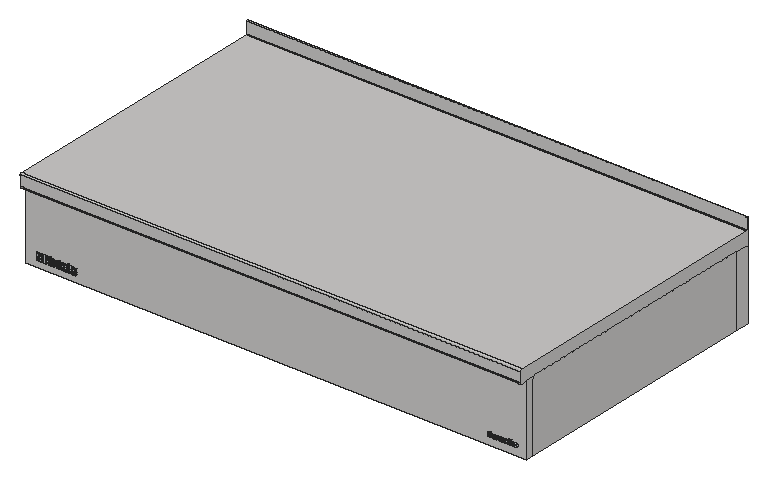
Revit family "QF_ELECTROLUXPROFESSIONAL_588571_MBNABBLOOO", category Attrezzature speciali, Revit 2020
Family settings
  Quota connettore circolare = Usa diametro
  Tipo di parte = Normale
  Basato su piano di lavoro = No
  Sempre verticale = Sì
  Taglio con vuoti quando caricato = No
  Condiviso = No
  Punto di calcolo locali = No
Parameters (values of type "Standard")
  Weight = 40.00 kg
  Watts = 0 W
  Volts = 0 V
  URL Manufacturer = "https://www.electroluxprofessional.com/"
  URL = "https://www.electroluxprofessional.com/"
  Steam Supply Size = 0"
  Steam Supply Minimum Pressure = 0.00 psi
  Steam Supply Maximum Pressure = 0.00 psi
  Steam Consumption per Hour = 0
  Refrigeration Suction Line Size = 0 mm
  Refrigeration Liquid Line Size = 0 mm
  Refrigerant Compressor Remote = yes
  Prospetto di default = 0 mm
  Phase = 0
  Modello = "MBNABBLOOO"
  Produttore = "Electrolux Professional"
  Length Actual = 1500 mm  # constant formula
  Item Number = "588571"
  Hot Water Size = 0"
  Height Actual = 250 mm  # constant formula
  HP = "0 HP"
  Gas Size = 0"
  Gas KW = 0
  Gas Input Pressure = 0.0 Btu/h
  Direct Waste Size = 0"
  Descrizione = "WORK TOP,CLOSED,1S,BACKSPL,1500X850X250H"
  Depth Actual = 850 mm  # constant formula
  Cycle = 0 Hz
  Condensate Return Size = 0"
  Compressed Air Volume = 0 GPM
  Compressed Air Size = 0"
  Compressed Air Pressure = 0.00 psi
  Cold Water Size = 0"
  Accessory = yes
Reference planes
  plane 1 "BACK": y = 0
  plane 2: z = 0
  plane 3 "LEFT": x = 0
  plane 4 "RIGHT": x = 1500
  plane 5 "FRONT": y = -850
  plane 6 "PLAIN": z = 900
  plane 7 "Center (Left/Right)": x = 750
  plane 8 "Center (Front/Back)": y = -425
  plane 9 "Grill": z = 888
  plane 10 "BASE": z = 650
  plane 11 "TOP": z = 938
  plane 12: x = 1385
  plane 13: x = 35
Forms (mm)
  Extrusion 1, solid, material "QF_Finishes_Stainless Steel"
    sketch origin (0, 0, 650) x (0, 1, 0) y (0, 0, 1)
      loop
        line (0, 288) -> (-2, 288) -> (-2, 252)
        arc (-2, 252) -> (-2.586, 250.586) -> (-4, 250) r 2
        line (-4, 250) -> (-845, 250)
        arc (-845, 250) -> (-848.536, 248.536) -> (-850, 245) r 5
        line (-850, 245) -> (-850, 214)
        arc (-850, 214) -> (-848.571, 210.936) -> (-845.305, 210.061) r 4
        line (-845.305, 210.061) -> (-830, 212.969) -> (-20, 212.969) -> (-4.695, 210.061)
        arc (-4.695, 210.061) -> (-1.429, 210.936) -> (0, 214) r 4
        line (0, 214) -> (0, 288)
    from 0 to 1500
  Extrusion 2, solid, material "QF_Finishes_Stainless Steel"
    sketch origin (750, 296.4, 1869.2) x (0, 1, 0) y (0, 0, 1)
      loop
        line (-299.4, -1009.461) -> (-316.4, -1006.231) -> (-341.4, -1006.231) -> (-341.4, -1219.2) -> (-299.4, -1219.2) -> (-299.4, -1009.461)
    from -750 to 750
  Extrusion 3, solid, material "QF_Finishes_Stainless Steel"
    sketch origin (0, 0, 650) x (0, 1, 0) y (0, 0, 1)
      loop
        line (-45, 212.969) -> (-805, 212.969) -> (-805, 0) -> (-45, 0) -> (-45, 212.969)
    from 0 to 1500
  Extrusion 4, solid, material "QF_Finishes_Stainless Steel"
    sketch origin (0, 0, 0) x (0, 1, 0) y (0, 0, 1)
      loop
        line (-805, 862.969) -> (-830, 862.969) -> (-830, 650) -> (-805, 650) -> (-805, 862.969)
    from 0 to 1500
Lines and regions (mm)
  symbolic lines
    curve 1: line (0, -850, 0) -> (0, 0, 0)
    curve 2: line (0, -850, 888) -> (1500, -850, 888)
    curve 3: line (1500, 0, 888) -> (0, 0, 888)
    curve 4: line (1500, -850, 888) -> (1500, 0, 888)
    curve 5: line (1500, -2, 888) -> (0, -2, 888)
Dimensions and locks
  plane 3 "LEFT" to plane 4 "RIGHT" = 1500 mm
  plane 5 "FRONT" to plane 1 "BACK" = 850 mm
  equal spacing: plane 3 "LEFT", plane 7 "Center (Left/Right)", plane 4 "RIGHT"
  equal spacing: plane 5 "FRONT", plane 8 "Center (Front/Back)", plane 1 "BACK"
  locked: plane 6 "PLAIN" to level at 900
  plane 6 "PLAIN" to plane 10 "BASE" = 250 mm
  plane 11 "TOP" to plane 6 "PLAIN" = 38 mm
  locked: plane 12 to plane 4 "RIGHT" at 115
  plane 13 to plane 3 "LEFT" = 35 mm
  aligned and locked: level to plane 2
  aligned and locked: Extrusion 4 to plane 3 "LEFT"
  aligned and locked: Extrusion 4 to plane 4 "RIGHT"
  aligned and locked: plane 3 "LEFT" to Extrusion 2
  aligned and locked: Extrusion 2 to plane 4 "RIGHT"
  aligned and locked: Extrusion 3 to plane 4 "RIGHT"
  aligned and locked: Extrusion 3 to plane 3 "LEFT"
  aligned and locked: Extrusion 1 to plane 3 "LEFT"
  aligned and locked: Extrusion 1 to plane 4 "RIGHT"
  aligned and locked: nested 1 to plane 12
Automatic sketch dimensions
  plane 1 "BACK" to curve 1 = 0 mm
  curve 1 to plane 3 "LEFT" = 0 mm
  plane 5 "FRONT" to curve 1 = 0 mm
  Extrusion 1 sketch curve to plane 5 "FRONT" = 0 mm
  Extrusion 1 sketch curve to plane 6 "PLAIN" = 0 mm
  Extrusion 1 sketch curve to plane 11 "TOP" = 0 mm
  Extrusion 1 sketch curve to plane 1 "BACK" = 0 mm
  Extrusion 1 sketch curve to Extrusion 1 sketch curve = 4 mm
  Extrusion 1 sketch curve to Extrusion 1 sketch curve = 0.695 mm
  Extrusion 1 sketch curve to Extrusion 1 sketch curve = 5 mm
  Extrusion 1 sketch curve to Extrusion 1 sketch curve = 15.305 mm
  plane 1 "BACK" to Extrusion 1 sketch curve = 20 mm
  plane 1 "BACK" to Extrusion 1 sketch curve = 4.695 mm
  plane 1 "BACK" to Extrusion 1 sketch curve = 4 mm  (x2)
  plane 1 "BACK" to Extrusion 1 sketch curve = 2 mm
  Extrusion 1 sketch curve to plane 9 "Grill" = 24 mm  (x2)
  Extrusion 1 sketch curve to Extrusion 1 sketch curve = 2.909 mm
  Extrusion 2 sketch curve to plane 10 "BASE" = 0 mm
  plane 1 "BACK" to Extrusion 2 sketch curve = 45 mm
  plane 1 "BACK" to Extrusion 2 sketch curve = 20 mm
  plane 1 "BACK" to Extrusion 2 sketch curve = 3 mm
  Extrusion 2 sketch curve to plane 9 "Grill" = 28.261 mm
  Extrusion 2 sketch curve to plane 9 "Grill" = 25.031 mm
  Extrusion 3 sketch curve to plane 10 "BASE" = 0 mm
  Extrusion 3 sketch curve to plane 5 "FRONT" = 45 mm
  plane 1 "BACK" to Extrusion 3 sketch curve = 45 mm
  Extrusion 3 sketch curve to plane 9 "Grill" = 25.031 mm
  curve 2 to plane 4 "RIGHT" = 0 mm
  plane 5 "FRONT" to curve 2 = 0 mm
  curve 5 to plane 3 "LEFT" = 0 mm
  plane 1 "BACK" to curve 4 = 0 mm
  curve 3 to plane 3 "LEFT" = 0 mm
  curve 2 to plane 3 "LEFT" = 0 mm
  curve 5 to curve 3 = 2 mm
  Extrusion 4 sketch curve to plane 10 "BASE" = 0 mm
  Extrusion 4 sketch curve to plane 5 "FRONT" = 20 mm
  Extrusion 4 sketch curve to Extrusion 4 sketch curve = 25 mm
  Extrusion 4 sketch curve to plane 9 "Grill" = 25.031 mm
Nested families
  nested 1: "ELX_ThermaLine_Small" at (1424.867, -830, 680) x (1, 0, 0) z (0, -1, 0), type "ELX_ThermaLine_Small"
    with Show Logo yes, Material_Logo QF_Finishes_Black
  nested 2: "ELX_Professional_Logo_Small" at (94.486, -830, 682.232) x (1, 0, 0) z (0, -1, 0), type "ELX_Professional_Logo_Small"
    with Show Logo yes, Material_Logo QF_Finishes_Black
Definition of nested family "ELX_ThermaLine_Small"
  Parameters
    Show Logo [instance] = yes
    Material_Logo [instance] = none
    Default Elevation = 0 mm
  Reference planes
    plane 1 "Centro (Fronte/Retro)": y = 0
    plane 2: z = 0
    plane 3 "Centro (Sinistra/Destra)": x = 0
  Forms (mm)
    Extrusion 1, solid
      sketch origin (0, 0, 0) x (1, 0, 0) y (0, 1, 0)
        loop
          line (-1219.2, 1219.2) -> (-1219.2, -1219.2) -> (1219.2, -1219.2) -> (1219.2, 1219.2) -> (-1219.2, 1219.2)
      from 0 to -304.8
    Extrusion 2, solid
      sketch origin (0, 0, 0) x (1, 0, 0) y (0, 1, 0)
        loop
          line (-37.494, 1.229) -> (-35.908, 1.229) -> (-35.908, 3.066) -> (-37.494, 3.066) -> (-37.494, 6.221) -> (-39.867, 4.881) -> (-39.867, 3.066) -> (-40.969, 3.066) -> (-40.969, 1.229) -> (-39.867, 1.229) -> (-39.867, -3.407)
          arc (-39.867, -3.407) -> (-38.982, -5.513) -> (-36.751, -6.001) r 2.478
          line (-36.751, -6.001) -> (-35.638, -5.7) -> (-35.9, -3.835) -> (-36.661, -4.039)
          arc (-36.661, -4.039) -> (-37.236, -3.924) -> (-37.494, -3.399) r 0.662
          line (-37.494, -3.399) -> (-37.494, 1.229)
        loop
          line (-34.242, 6.539) -> (-34.242, -5.848) -> (-31.854, -5.848) -> (-31.854, -0.078)
          arc (-31.854, -0.078) -> (-30.939, 1.249) -> (-29.33, 1.367) r 1.866
          arc (-29.33, 1.367) -> (-28.695, 0.768) -> (-28.461, -0.073) r 1.627
          line (-28.461, -0.073) -> (-28.461, -5.848) -> (-26.086, -5.848) -> (-26.064, -0.46)
          arc (-26.064, -0.46) -> (-26.261, 0.932) -> (-26.786, 2.237) r 5.825
          arc (-26.786, 2.237) -> (-29.381, 3.264) -> (-31.854, 1.971) r 3.353
          line (-31.854, 1.971) -> (-31.854, 6.539) -> (-34.242, 6.539)
        loop
          arc (-18.398, -0.598) -> (-18.893, 0.879) -> (-20.326, 1.487) r 1.897
          arc (-20.326, 1.487) -> (-21.461, 0.708) -> (-21.897, -0.598) r 2.164
          line (-21.897, -0.598) -> (-18.398, -0.598)
        loop
          arc (-16.021, -2.044) -> (-16.754, 1.227) -> (-19.444, 3.226) r 4.814
          arc (-19.444, 3.226) -> (-22.137, 2.788) -> (-23.943, 0.743) r 4.054
          arc (-23.943, 0.743) -> (-24.382, -1.249) -> (-24.162, -3.276) r 6.289
          arc (-24.162, -3.276) -> (-23.302, -4.71) -> (-21.958, -5.705) r 4.28
          arc (-21.958, -5.705) -> (-18.558, -5.814) -> (-16.152, -3.409) r 4.28
          line (-16.152, -3.409) -> (-18.5, -2.995)
          arc (-18.5, -2.995) -> (-19.273, -3.994) -> (-20.533, -4.076) r 1.536
          arc (-20.533, -4.076) -> (-21.56, -3.281) -> (-21.958, -2.044) r 2.197
          line (-21.958, -2.044) -> (-16.021, -2.044)
        loop
          line (-14.165, -5.848) -> (-11.819, -5.848) -> (-11.819, -2.138)
          arc (-11.819, -2.138) -> (-11.787, -1.156) -> (-11.637, -0.185) r 8.18
          arc (-11.637, -0.185) -> (-10.644, 0.972) -> (-9.132, 0.776) r 1.603
          line (-9.132, 0.776) -> (-8.419, 2.846)
          arc (-8.419, 2.846) -> (-10.432, 3.118) -> (-11.994, 1.821) r 2.527
          line (-11.994, 1.821) -> (-11.994, 3.094) -> (-14.165, 3.094) -> (-14.165, -5.848)
        loop
          line (-7.579, 3.094) -> (-7.579, -5.848) -> (-5.178, -5.848) -> (-5.178, -0.756)
          arc (-5.178, -0.756) -> (-4.727, 0.679) -> (-3.417, 1.419) r 2.05
          arc (-3.417, 1.419) -> (-2.499, 0.908) -> (-2.155, -0.085) r 1.471
          line (-2.155, -0.085) -> (-2.155, -5.848) -> (0.23, -5.848) -> (0.23, -1.001)
          arc (0.23, -1.001) -> (0.47, 0.127) -> (1.148, 1.061) r 2.775
          arc (1.148, 1.061) -> (2.225, 1.329) -> (3.05, 0.587) r 1.182
          arc (3.05, 0.587) -> (3.199, -0.019) -> (3.214, -0.642) r 2.894
          line (3.214, -0.642) -> (3.214, -5.848) -> (5.601, -5.848) -> (5.601, 0.261)
          arc (5.601, 0.261) -> (4.87, 2.263) -> (2.976, 3.241) r 2.932
          arc (2.976, 3.241) -> (1.284, 2.973) -> (-0.047, 1.896) r 3.309
          arc (-0.047, 1.896) -> (-1.116, 2.865) -> (-2.506, 3.258) r 3.16
          arc (-2.506, 3.258) -> (-4.105, 2.942) -> (-5.376, 1.92) r 3.419
          line (-5.376, 1.92) -> (-5.376, 3.094) -> (-7.579, 3.094)
        loop
          line (7.583, 0.738) -> (9.702, 0.364)
          arc (9.702, 0.364) -> (11.441, 1.492) -> (12.855, -0.023) r 1.613
          line (12.855, -0.023) -> (9.782, -0.789)
          arc (9.782, -0.789) -> (8.559, -1.346) -> (7.617, -2.305) r 3.687
          arc (7.617, -2.305) -> (7.499, -3.681) -> (7.901, -5.003) r 3.651
          arc (7.901, -5.003) -> (9.107, -5.766) -> (10.515, -6.006) r 3.635
          arc (10.515, -6.006) -> (11.898, -5.697) -> (13.067, -4.895) r 3.734
          line (13.067, -4.895) -> (13.376, -5.848) -> (15.75, -5.848) -> (15.212, -4.193) -> (15.212, 0.38)
          arc (15.212, 0.38) -> (14.897, 1.849) -> (13.818, 2.895) r 2.585
          arc (13.818, 2.895) -> (11.792, 3.442) -> (9.719, 3.11) r 5.005
          arc (9.719, 3.11) -> (8.369, 2.178) -> (7.583, 0.738) r 3.54
        loop
          line (19.723, -5.848) -> (22.233, -5.848) -> (24.854, 6.484) -> (22.345, 6.484) -> (19.723, -5.848)
        loop
          line (24.583, -5.848) -> (26.953, -5.848) -> (28.848, 3.066) -> (26.478, 3.066) -> (24.583, -5.848)
        loop
          line (27.204, 6.484) -> (26.741, 4.305) -> (29.111, 4.305) -> (29.575, 6.484) -> (27.204, 6.484)
        loop
          line (29.355, -5.848) -> (31.849, -5.848) -> (33.098, 0.028)
          arc (33.098, 0.028) -> (34.169, 1.306) -> (35.832, 1.422) r 2.132
          arc (35.832, 1.422) -> (36.324, 0.752) -> (36.383, -0.078) r 1.5
          line (36.383, -0.078) -> (35.157, -5.848) -> (37.536, -5.848) -> (38.936, 0.738)
          arc (38.936, 0.738) -> (38.775, 2.091) -> (37.825, 3.066) r 2.118
          arc (37.825, 3.066) -> (35.392, 3.175) -> (33.295, 1.937) r 4.271
          line (33.295, 1.937) -> (33.535, 3.066) -> (31.25, 3.066) -> (29.355, -5.848)
        loop
          line (42.792, -0.64) -> (46.589, -0.64)
          arc (46.589, -0.64) -> (46.639, 0.124) -> (46.327, 0.823) r 1.589
          arc (46.327, 0.823) -> (45.117, 1.521) -> (43.762, 1.183) r 1.865
          arc (43.762, 1.183) -> (43.141, 0.344) -> (42.792, -0.64) r 3.538
        loop
          line (42.565, -2.138) -> (48.593, -2.138)
          arc (48.593, -2.138) -> (48.58, 0.597) -> (46.983, 2.818) r 4.494
          arc (46.983, 2.818) -> (44.191, 3.28) -> (41.725, 1.891) r 4.26
          arc (41.725, 1.891) -> (40.503, -0.3) -> (40.284, -2.799) r 6.003
          arc (40.284, -2.799) -> (40.959, -4.468) -> (42.377, -5.576) r 3.482
          arc (42.377, -5.576) -> (44.265, -5.961) -> (46.152, -5.576) r 4.823
          arc (46.152, -5.576) -> (47.432, -4.731) -> (48.328, -3.485) r 4.245
          line (48.328, -3.485) -> (46.168, -3.105)
          arc (46.168, -3.105) -> (45.214, -4.072) -> (43.859, -4.181) r 1.953
          arc (43.859, -4.181) -> (42.821, -3.408) -> (42.565, -2.138) r 1.81
        loop
          line (12.868, -1.553) -> (10.216, -2.214)
          arc (10.216, -2.214) -> (9.747, -3.136) -> (10.216, -4.058) r 1.14
          arc (10.216, -4.058) -> (11.537, -4.249) -> (12.614, -3.46) r 1.763
          arc (12.614, -3.46) -> (12.858, -2.522) -> (12.868, -1.553) r 3.97
      from 0 to 1.6
  Dimensions and locks
    aligned and locked: plane 2 to Extrusion 1
    aligned and locked: level to Extrusion 1
Definition of nested family "ELX_Professional_Logo_Small"
  Parameters
    Show Logo [instance] = yes
    Material_Logo [instance] = none
    Default Elevation = 0 mm
  Reference planes
    plane 1 "Centro (Fronte/Retro)": y = 0
    plane 2: z = 0
    plane 3 "Centro (Sinistra/Destra)": x = 0
  Forms (mm)
    Extrusion 1, solid
      sketch origin (0, 0, 0) x (1, 0, 0) y (0, 1, 0)
        loop
          line (-1219.2, 1219.2) -> (-1219.2, -1219.2) -> (1219.2, -1219.2) -> (1219.2, 1219.2) -> (-1219.2, 1219.2)
      from 0 to -304.8
    Extrusion 2, solid, material <- "Material_Logo"
      sketch origin (15.5, 0, 0) x (1, 0, 0) y (0, 1, 0)
        loop
          spline (-42.99, -1.24) -> (-43.195, -1.231) -> (-43.415, -1.203) -> (-43.642, -1.152) -> (-43.87, -1.074) -> (-44.095, -0.966) -> (-44.309, -0.825) -> (-44.506, -0.647) -> (-44.681, -0.429) -> (-44.828, -0.167) -> (-44.94, 0.142) -> (-45.011, 0.501) -> (-45.037, 0.915)
          line (-45.037, 0.915) -> (-45.037, 2.748) -> (-38.984, 2.748) -> (-38.984, 5.086) -> (-45.038, 5.086) -> (-45.038, 8.489) -> (-38.599, 8.489) -> (-38.599, 10.82) -> (-47.515, 10.82) -> (-47.515, 1.021)
          spline (-47.515, 1.021) -> (-47.493, 0.418) -> (-47.425, -0.15) -> (-47.311, -0.682) -> (-47.15, -1.175) -> (-46.939, -1.628) -> (-46.678, -2.038) -> (-46.365, -2.404) -> (-46, -2.723) -> (-45.58, -2.995) -> (-45.105, -3.216) -> (-44.573, -3.385) -> (-43.983, -3.499)
          line (-43.983, -3.499) -> (-43.01, -3.569) -> (-38.426, -3.569) -> (-38.426, -1.24) -> (-42.99, -1.24)
        loop
          line (-36.666, 4.021) -> (-36.666, -3.573) -> (-34.188, -3.573) -> (-34.188, 10.824) -> (-36.666, 10.824) -> (-36.666, 4.021)
        loop
          spline (-21.915, 1.897) -> (-21.957, 2.615) -> (-22.082, 3.303) -> (-22.285, 3.955) -> (-22.563, 4.564) -> (-22.913, 5.124) -> (-23.331, 5.629) -> (-23.814, 6.074) -> (-24.359, 6.451) -> (-24.961, 6.755) -> (-25.618, 6.98) -> (-26.326, 7.119) -> (-27.081, 7.167)
          spline (-27.081, 7.167) -> (-27.853, 7.122) -> (-28.586, 6.99) -> (-29.275, 6.774) -> (-29.915, 6.478) -> (-30.5, 6.104) -> (-31.024, 5.657) -> (-31.483, 5.138) -> (-31.871, 4.553) -> (-32.182, 3.904) -> (-32.411, 3.194) -> (-32.552, 2.427) -> (-32.6, 1.606)
          spline (-32.6, 1.606) -> (-32.553, 0.805) -> (-32.416, 0.057) -> (-32.193, -0.637) -> (-31.887, -1.271) -> (-31.504, -1.843) -> (-31.048, -2.35) -> (-30.523, -2.788) -> (-29.934, -3.154) -> (-29.284, -3.444) -> (-28.579, -3.656) -> (-27.822, -3.785) -> (-27.019, -3.829)
          spline (-27.019, -3.829) -> (-26.627, -3.82) -> (-26.239, -3.79) -> (-25.856, -3.739) -> (-25.477, -3.663) -> (-25.103, -3.562) -> (-24.734, -3.432) -> (-24.369, -3.273) -> (-24.01, -3.082) -> (-23.655, -2.858) -> (-23.305, -2.597) -> (-22.96, -2.299) -> (-22.621, -1.962)
          line (-22.621, -1.962) -> (-24.114, -0.509)
          spline (-24.114, -0.509) -> (-24.311, -0.699) -> (-24.509, -0.872) -> (-24.71, -1.03) -> (-24.915, -1.172) -> (-25.126, -1.297) -> (-25.346, -1.407) -> (-25.576, -1.5) -> (-25.817, -1.576) -> (-26.072, -1.636) -> (-26.342, -1.678) -> (-26.629, -1.704) -> (-26.936, -1.713)
          spline (-26.936, -1.713) -> (-27.384, -1.691) -> (-27.805, -1.625) -> (-28.196, -1.518) -> (-28.556, -1.372) -> (-28.882, -1.187) -> (-29.174, -0.966) -> (-29.429, -0.71) -> (-29.645, -0.422) -> (-29.821, -0.102) -> (-29.955, 0.247) -> (-30.045, 0.623) -> (-30.089, 1.026)
          line (-30.089, 1.026) -> (-21.956, 1.026) -> (-21.915, 1.897)
        loop
          spline (-24.446, 2.769) -> (-24.47, 3.075) -> (-24.54, 3.37) -> (-24.654, 3.65) -> (-24.807, 3.913) -> (-24.996, 4.156) -> (-25.219, 4.376) -> (-25.472, 4.57) -> (-25.753, 4.736) -> (-26.057, 4.869) -> (-26.382, 4.968) -> (-26.724, 5.03) -> (-27.081, 5.051)
          spline (-27.081, 5.051) -> (-27.464, 5.03) -> (-27.832, 4.97) -> (-28.183, 4.872) -> (-28.513, 4.74) -> (-28.819, 4.577) -> (-29.099, 4.384) -> (-29.347, 4.165) -> (-29.563, 3.923) -> (-29.742, 3.659) -> (-29.881, 3.377) -> (-29.977, 3.079) -> (-30.027, 2.769)
          line (-30.027, 2.769) -> (-24.446, 2.769)
        loop
          spline (-18.167, 1.669) -> (-18.138, 2.13) -> (-18.055, 2.567) -> (-17.921, 2.978) -> (-17.739, 3.358) -> (-17.512, 3.705) -> (-17.243, 4.016) -> (-16.937, 4.287) -> (-16.596, 4.517) -> (-16.223, 4.7) -> (-15.823, 4.835) -> (-15.398, 4.919) -> (-14.951, 4.947)
          spline (-14.951, 4.947) -> (-14.677, 4.938) -> (-14.414, 4.913) -> (-14.162, 4.871) -> (-13.921, 4.812) -> (-13.69, 4.738) -> (-13.467, 4.649) -> (-13.254, 4.544) -> (-13.048, 4.424) -> (-12.85, 4.291) -> (-12.659, 4.143) -> (-12.474, 3.981) -> (-12.295, 3.806)
          line (-12.295, 3.806) -> (-10.76, 5.403)
          spline (-10.76, 5.403) -> (-11.065, 5.709) -> (-11.38, 5.984) -> (-11.703, 6.228) -> (-12.035, 6.443) -> (-12.375, 6.63) -> (-12.723, 6.788) -> (-13.078, 6.92) -> (-13.44, 7.026) -> (-13.809, 7.107) -> (-14.184, 7.164) -> (-14.564, 7.198) -> (-14.951, 7.209)
          spline (-14.951, 7.209) -> (-15.725, 7.161) -> (-16.467, 7.02) -> (-17.169, 6.792) -> (-17.826, 6.482) -> (-18.43, 6.096) -> (-18.976, 5.637) -> (-19.455, 5.112) -> (-19.862, 4.525) -> (-20.19, 3.882) -> (-20.433, 3.189) -> (-20.584, 2.449) -> (-20.635, 1.669)
          spline (-20.635, 1.669) -> (-20.584, 0.889) -> (-20.433, 0.149) -> (-20.19, -0.545) -> (-19.862, -1.187) -> (-19.455, -1.774) -> (-18.976, -2.299) -> (-18.43, -2.758) -> (-17.826, -3.145) -> (-17.169, -3.454) -> (-16.467, -3.682) -> (-15.725, -3.823) -> (-14.951, -3.871)
          spline (-14.951, -3.871) -> (-14.564, -3.86) -> (-14.184, -3.826) -> (-13.809, -3.77) -> (-13.44, -3.689) -> (-13.078, -3.583) -> (-12.723, -3.451) -> (-12.375, -3.292) -> (-12.035, -3.105) -> (-11.703, -2.89) -> (-11.38, -2.646) -> (-11.065, -2.371) -> (-10.76, -2.066)
          line (-10.76, -2.066) -> (-12.295, -0.468)
          spline (-12.295, -0.468) -> (-12.474, -0.643) -> (-12.659, -0.805) -> (-12.85, -0.953) -> (-13.048, -1.087) -> (-13.254, -1.206) -> (-13.467, -1.311) -> (-13.69, -1.4) -> (-13.921, -1.475) -> (-14.162, -1.533) -> (-14.414, -1.575) -> (-14.677, -1.6) -> (-14.951, -1.609)
          spline (-14.951, -1.609) -> (-15.398, -1.581) -> (-15.823, -1.497) -> (-16.223, -1.362) -> (-16.596, -1.179) -> (-16.937, -0.95) -> (-17.243, -0.678) -> (-17.512, -0.367) -> (-17.739, -0.02) -> (-17.921, 0.36) -> (-18.055, 0.771) -> (-18.138, 1.208) -> (-18.167, 1.669)
        loop
          spline (-4.441, -1.243) -> (-4.659, -1.247) -> (-4.894, -1.23) -> (-5.137, -1.19) -> (-5.384, -1.121) -> (-5.628, -1.021) -> (-5.864, -0.884) -> (-6.084, -0.708) -> (-6.283, -0.488) -> (-6.454, -0.219) -> (-6.592, 0.101) -> (-6.69, 0.478) -> (-6.742, 0.914)
          line (-6.742, 0.914) -> (-6.742, 4.587) -> (-4.487, 4.587) -> (-4.487, 6.838) -> (-6.738, 6.838) -> (-6.738, 10.824) -> (-9.217, 10.824) -> (-9.217, 0.773)
          spline (-9.217, 0.773) -> (-9.164, 0.19) -> (-9.068, -0.358) -> (-8.928, -0.87) -> (-8.742, -1.343) -> (-8.511, -1.777) -> (-8.232, -2.168) -> (-7.904, -2.515) -> (-7.527, -2.816) -> (-7.098, -3.069) -> (-6.618, -3.273) -> (-6.084, -3.426) -> (-5.496, -3.525)
          line (-5.496, -3.525) -> (-4.45, -3.573) -> (-4.441, -1.243)
        loop
          spline (3.898, 6.983) -> (3.469, 7.009) -> (3.056, 7.001) -> (2.661, 6.961) -> (2.283, 6.888) -> (1.925, 6.785) -> (1.588, 6.652) -> (1.272, 6.49) -> (0.979, 6.301) -> (0.71, 6.085) -> (0.465, 5.844) -> (0.247, 5.578) -> (0.056, 5.289)
          line (0.056, 5.289) -> (0.056, 6.838) -> (-2.402, 6.838) -> (-2.402, -3.572) -> (0.056, -3.572) -> (0.056, 1.901)
          spline (0.056, 1.901) -> (0.079, 2.316) -> (0.145, 2.703) -> (0.254, 3.06) -> (0.404, 3.386) -> (0.592, 3.679) -> (0.818, 3.938) -> (1.08, 4.162) -> (1.375, 4.348) -> (1.703, 4.495) -> (2.062, 4.602) -> (2.45, 4.668) -> (2.865, 4.69)
          line (2.865, 4.69) -> (3.898, 4.586) -> (3.898, 6.983)
        loop
          spline (15.638, 1.633) -> (15.586, 2.396) -> (15.435, 3.124) -> (15.192, 3.81) -> (14.863, 4.449) -> (14.455, 5.034) -> (13.975, 5.56) -> (13.43, 6.021) -> (12.826, 6.411) -> (12.17, 6.724) -> (11.469, 6.955) -> (10.729, 7.098) -> (9.958, 7.147)
          spline (9.958, 7.147) -> (9.182, 7.098) -> (8.44, 6.955) -> (7.737, 6.724) -> (7.081, 6.411) -> (6.477, 6.021) -> (5.933, 5.56) -> (5.454, 5.034) -> (5.048, 4.449) -> (4.721, 3.81) -> (4.479, 3.124) -> (4.329, 2.396) -> (4.277, 1.633)
          spline (4.277, 1.633) -> (4.329, 0.869) -> (4.479, 0.141) -> (4.721, -0.544) -> (5.048, -1.183) -> (5.454, -1.768) -> (5.933, -2.294) -> (6.477, -2.755) -> (7.081, -3.145) -> (7.737, -3.459) -> (8.44, -3.69) -> (9.182, -3.833) -> (9.958, -3.882)
          spline (9.958, -3.882) -> (10.729, -3.833) -> (11.469, -3.69) -> (12.17, -3.459) -> (12.826, -3.145) -> (13.43, -2.755) -> (13.975, -2.294) -> (14.455, -1.768) -> (14.863, -1.183) -> (15.192, -0.544) -> (15.435, 0.141) -> (15.586, 0.869) -> (15.638, 1.633)
        loop
          spline (13.18, 1.633) -> (13.151, 2.083) -> (13.067, 2.513) -> (12.932, 2.918) -> (12.748, 3.296) -> (12.52, 3.642) -> (12.251, 3.954) -> (11.943, 4.227) -> (11.601, 4.459) -> (11.228, 4.645) -> (10.828, 4.782) -> (10.403, 4.867) -> (9.958, 4.896)
          spline (9.958, 4.896) -> (9.509, 4.867) -> (9.081, 4.782) -> (8.679, 4.645) -> (8.306, 4.459) -> (7.964, 4.227) -> (7.658, 3.954) -> (7.39, 3.642) -> (7.163, 3.296) -> (6.981, 2.918) -> (6.847, 2.513) -> (6.765, 2.083) -> (6.736, 1.633)
          spline (6.736, 1.633) -> (6.765, 1.182) -> (6.847, 0.753) -> (6.981, 0.347) -> (7.163, -0.031) -> (7.39, -0.377) -> (7.658, -0.689) -> (7.964, -0.962) -> (8.306, -1.193) -> (8.679, -1.38) -> (9.081, -1.517) -> (9.509, -1.602) -> (9.958, -1.631)
          spline (9.958, -1.631) -> (10.403, -1.602) -> (10.828, -1.517) -> (11.228, -1.38) -> (11.601, -1.193) -> (11.943, -0.962) -> (12.251, -0.689) -> (12.52, -0.377) -> (12.748, -0.031) -> (12.932, 0.347) -> (13.067, 0.753) -> (13.151, 1.182) -> (13.18, 1.633)
        loop
          line (17.162, 4.269) -> (17.162, -3.573) -> (19.642, -3.573) -> (19.642, 10.824) -> (17.162, 10.824) -> (17.162, 4.269)
        loop
          line (28.581, 6.838) -> (28.581, 0.786)
          spline (28.581, 0.786) -> (28.561, 0.393) -> (28.503, 0.038) -> (28.409, -0.279) -> (28.281, -0.559) -> (28.122, -0.802) -> (27.933, -1.011) -> (27.717, -1.185) -> (27.476, -1.325) -> (27.213, -1.433) -> (26.929, -1.509) -> (26.626, -1.554) -> (26.308, -1.569)
          spline (26.308, -1.569) -> (25.99, -1.554) -> (25.688, -1.509) -> (25.404, -1.434) -> (25.141, -1.326) -> (24.9, -1.187) -> (24.684, -1.014) -> (24.496, -0.807) -> (24.336, -0.565) -> (24.209, -0.288) -> (24.115, 0.026) -> (24.057, 0.376) -> (24.037, 0.765)
          line (24.037, 0.765) -> (24.037, 6.838) -> (21.537, 6.838) -> (21.537, 0.558)
          spline (21.537, 0.558) -> (21.581, -0.153) -> (21.71, -0.8) -> (21.916, -1.384) -> (22.195, -1.904) -> (22.54, -2.362) -> (22.944, -2.757) -> (23.403, -3.09) -> (23.909, -3.362) -> (24.456, -3.572) -> (25.04, -3.722) -> (25.652, -3.811) -> (26.288, -3.841)
          spline (26.288, -3.841) -> (26.929, -3.811) -> (27.547, -3.72) -> (28.135, -3.568) -> (28.687, -3.355) -> (29.197, -3.079) -> (29.66, -2.741) -> (30.068, -2.341) -> (30.415, -1.877) -> (30.696, -1.349) -> (30.905, -0.757) -> (31.034, -0.101) -> (31.079, 0.621)
          line (31.079, 0.621) -> (31.079, 6.838) -> (28.581, 6.838)
        loop
          line (40.457, -0.243) -> (38.894, 1.942) -> (40.83, 4.579) -> (42.488, 6.837) -> (39.782, 6.837) -> (37.53, 3.719) -> (35.258, 6.837) -> (32.573, 6.837) -> (34.113, 4.731) -> (36.167, 1.922) -> (34.014, -1.076) -> (32.222, -3.573) -> (34.887, -3.573) -> (37.53, 0.104) -> (40.174, -3.573) -> (42.839, -3.573) -> (40.457, -0.243)
        loop
          line (-46.121, -5.837) -> (-48.039, -5.837) -> (-48.039, -10.814) -> (-47.016, -10.814) -> (-47.016, -9.128) -> (-46.121, -9.128)
          arc (-46.121, -9.128) -> (-44.476, -7.482) -> (-46.121, -5.837) r 1.645
        loop
          line (-46.163, -6.778) -> (-47.016, -6.778) -> (-47.016, -8.187) -> (-46.163, -8.187)
          arc (-46.163, -8.187) -> (-45.458, -7.482) -> (-46.163, -6.778) r 0.704
        loop
          line (-38.313, -5.837) -> (-40.265, -5.837) -> (-40.265, -10.814) -> (-39.241, -10.814) -> (-39.241, -9.1) -> (-38.46, -9.182) -> (-37.48, -10.814) -> (-36.318, -10.814) -> (-37.513, -8.848)
          arc (-37.513, -8.848) -> (-36.888, -8.266) -> (-36.671, -7.441) r 1.536
          arc (-36.671, -7.441) -> (-37.165, -6.305) -> (-38.313, -5.837) r 1.643
        loop
          arc (-38.402, -8.166) -> (-37.707, -7.505) -> (-38.334, -6.778) r 0.696
          line (-38.334, -6.778) -> (-39.241, -6.778) -> (-39.241, -8.166) -> (-38.402, -8.166)
        loop
          circle (-29.965, -8.325) r 2.585
        loop
          circle (-29.965, -8.325) r 1.64
        loop
          line (-23.1, -5.837) -> (-23.1, -10.814) -> (-22.076, -10.814) -> (-22.076, -8.768) -> (-20.204, -8.768) -> (-20.204, -7.828) -> (-22.076, -7.828) -> (-22.076, -6.778) -> (-20.024, -6.778) -> (-20.024, -5.837) -> (-23.1, -5.837)
        loop
          line (-15.802, -5.837) -> (-15.802, -9.2)
          arc (-15.802, -9.2) -> (-15.343, -10.34) -> (-14.209, -10.814) r 1.593
          line (-14.209, -10.814) -> (-12.602, -10.814) -> (-12.602, -10.027) -> (-14.004, -10.027)
          arc (-14.004, -10.027) -> (-14.552, -9.8) -> (-14.779, -9.252) r 0.775
          line (-14.779, -9.252) -> (-14.779, -8.424) -> (-12.789, -8.424) -> (-12.789, -7.642) -> (-14.779, -7.642) -> (-14.779, -6.778) -> (-12.651, -6.778) -> (-12.651, -5.837) -> (-15.802, -5.837)
        loop
          line (-5.909, -7.143) -> (-5.173, -6.638)
          arc (-5.173, -6.638) -> (-5.855, -5.974) -> (-6.781, -5.755) r 1.782
          arc (-6.781, -5.755) -> (-7.397, -5.878) -> (-7.944, -6.189) r 1.974
          arc (-7.944, -6.189) -> (-8.202, -6.5) -> (-8.317, -6.888) r 1.013
          arc (-8.317, -6.888) -> (-8.306, -7.341) -> (-8.192, -7.78) r 1.985
          arc (-8.192, -7.78) -> (-7.749, -8.259) -> (-7.171, -8.563) r 1.928
          arc (-7.171, -8.563) -> (-6.637, -8.779) -> (-6.131, -9.056) r 5.041
          arc (-6.131, -9.056) -> (-5.934, -9.387) -> (-6.09, -9.74) r 0.42
          arc (-6.09, -9.74) -> (-6.631, -9.96) -> (-7.204, -9.845) r 1.016
          arc (-7.204, -9.845) -> (-7.625, -9.603) -> (-7.889, -9.196) r 1.033
          line (-7.889, -9.196) -> (-8.67, -9.686)
          arc (-8.67, -9.686) -> (-8.361, -10.198) -> (-7.908, -10.589) r 1.914
          arc (-7.908, -10.589) -> (-7.334, -10.834) -> (-6.714, -10.896) r 2.063
          arc (-6.714, -10.896) -> (-5.947, -10.743) -> (-5.256, -10.376) r 2.696
          arc (-5.256, -10.376) -> (-4.95, -9.565) -> (-5.108, -8.712) r 1.618
          arc (-5.108, -8.712) -> (-5.448, -8.319) -> (-5.884, -8.035) r 1.876
          arc (-5.884, -8.035) -> (-6.434, -7.789) -> (-6.999, -7.577) r 9.883
          arc (-6.999, -7.577) -> (-7.325, -7.07) -> (-6.854, -6.694) r 0.45
          arc (-6.854, -6.694) -> (-6.329, -6.809) -> (-5.909, -7.143) r 1.197
        loop
          line (1.61, -7.143) -> (2.345, -6.638)
          arc (2.345, -6.638) -> (1.663, -5.974) -> (0.737, -5.755) r 1.782
          arc (0.737, -5.755) -> (0.121, -5.878) -> (-0.425, -6.189) r 1.974
          arc (-0.425, -6.189) -> (-0.683, -6.5) -> (-0.799, -6.888) r 1.013
          arc (-0.799, -6.888) -> (-0.788, -7.341) -> (-0.674, -7.78) r 1.985
          arc (-0.674, -7.78) -> (-0.231, -8.259) -> (0.347, -8.563) r 1.928
          arc (0.347, -8.563) -> (0.881, -8.779) -> (1.387, -9.056) r 5.041
          arc (1.387, -9.056) -> (1.584, -9.387) -> (1.428, -9.74) r 0.42
          arc (1.428, -9.74) -> (0.887, -9.96) -> (0.314, -9.845) r 1.016
          arc (0.314, -9.845) -> (-0.107, -9.603) -> (-0.371, -9.196) r 1.033
          line (-0.371, -9.196) -> (-1.152, -9.686)
          arc (-1.152, -9.686) -> (-0.842, -10.198) -> (-0.39, -10.589) r 1.914
          arc (-0.39, -10.589) -> (0.184, -10.834) -> (0.804, -10.896) r 2.063
          arc (0.804, -10.896) -> (1.572, -10.743) -> (2.263, -10.376) r 2.696
          arc (2.263, -10.376) -> (2.568, -9.565) -> (2.411, -8.712) r 1.618
          arc (2.411, -8.712) -> (2.07, -8.319) -> (1.635, -8.035) r 1.876
          arc (1.635, -8.035) -> (1.084, -7.789) -> (0.519, -7.577) r 9.883
          arc (0.519, -7.577) -> (0.193, -7.07) -> (0.665, -6.694) r 0.45
          arc (0.665, -6.694) -> (1.189, -6.809) -> (1.61, -7.143) r 1.197
        loop
          line (6.801, -5.837) -> (6.801, -10.814) -> (7.825, -10.814) -> (7.825, -5.837) -> (6.801, -5.837)
        loop
          circle (14.724, -8.325) r 1.548
        loop
          circle (14.724, -8.325) r 2.585
        loop
          line (21.59, -10.814) -> (22.623, -10.814) -> (22.623, -7.685) -> (24.9, -10.814) -> (25.895, -10.814) -> (25.895, -5.837) -> (24.861, -5.837) -> (24.861, -9.061) -> (22.585, -5.837) -> (21.59, -5.837) -> (21.59, -10.814)
        loop
          line (31.054, -10.814) -> (31.539, -9.74) -> (33.38, -9.74) -> (33.865, -10.814) -> (34.965, -10.814) -> (32.46, -5.837) -> (29.956, -10.814) -> (31.054, -10.814)
        loop
          line (32.46, -7.698) -> (31.999, -8.719) -> (32.921, -8.719) -> (32.46, -7.698)
        loop
          line (40.047, -9.873) -> (40.047, -5.837) -> (39.024, -5.837) -> (39.024, -10.814) -> (41.961, -10.814) -> (41.961, -9.873) -> (40.047, -9.873)
        loop
          line (-74.986, -10.814) -> (-53.322, -10.814) -> (-53.322, 10.82) -> (-74.986, 10.82) -> (-74.986, -10.814)
        loop
          line (-61.261, 9.758) -> (-61.261, -9.707)
          arc (-61.261, -9.707) -> (-54.066, 0.025) -> (-61.261, 9.758) r 10.18
        loop
          line (-62.251, 8.349) -> (-62.251, 9.758)
          arc (-62.251, 9.758) -> (-70.347, 7.918) -> (-74.247, 0.59) r 9.976
          line (-74.247, 0.59) -> (-71.026, 0.59)
          arc (-71.026, 0.59) -> (-65.274, 2.925) -> (-62.251, 8.349) r 9.351
        loop
          arc (-74.247, -0.539) -> (-70.353, -7.928) -> (-62.251, -9.957) r 10.237
          line (-62.251, -9.957) -> (-62.251, -8.298)
          arc (-62.251, -8.298) -> (-65.274, -2.874) -> (-71.026, -0.539) r 9.351
          line (-71.026, -0.539) -> (-74.247, -0.539)
      from 0 to 1.644
  Dimensions and locks
    aligned and locked: plane 2 to Extrusion 1
    aligned and locked: level to Extrusion 1
